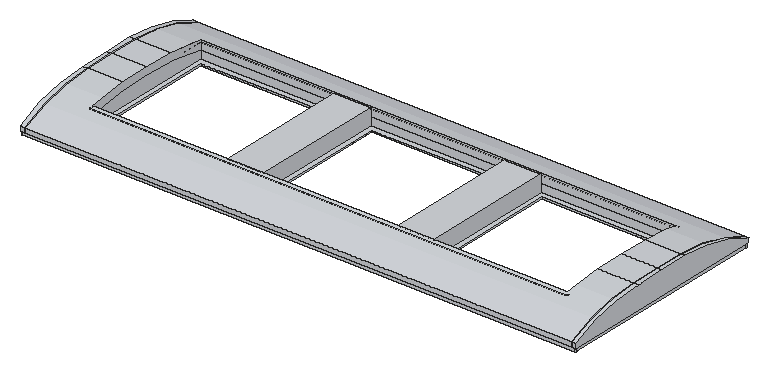
Revit family "Gira_021381", category Electrical Fixtures, host Face, Revit 2017
Family settings
  Host = Face
  Maintain Annotation Orientation = No
  Round Connector Dimension = Use Diameter
  Part Type = Normal
  Cut with Voids When Loaded = No
  Shared = No
  Room Calculation Point = No
Parameters (values of type "Abdeckrahmen 3f Zwischenr. F Alu Gira Event Anthrazit")
  Werkstoffgüte = "Thermoplast"
  Werkstoff = "Kunststoff"
  URL = "http://katalog.gira.de/de_DE/datenblatt.html?artikelnr=021381"
  Transparent = "No"
  Textfeld/Beschriftungsfläche = "No"
  Schutzart (IP) = "IP20"
  Region = "DE"
  Oberfläche = "sonstige"
  Name = "Abdeckrahmen 3f Zwischenr. F Alu Gira Event Anthrazit"
  Montagerichtung = "horizontal und vertikal"
  Mit Montagerahmen = "No"
  Mit Klappdeckel = "No"
  Manufacturer URL = "https://www.gira.de/"
  Keynote = "Event_Rahmen_3fach"
  HeinzeBIM = "https://bimportal.heinze.de/bim/abdeckrahmen-3f-zwischenr-f-alu-gira-event-anthrazit/cb19edc71c97d76aa7b287fc06a13c54cf14682d"
  Halogenfrei = "Yes"
  HAN = "021381"
  Geeignet für Unterputz-Installation = "Yes"
  Geeignet für Unterflurkanaldose = "No"
  Geeignet für Geräteeinbaukanal = "No"
  Geeignet für Einbauinstallation = "No"
  GTIN = "4010337213819"
  Farbe = "anthrazit"
  Default Elevation = 1219.2 mm
  Data sheet (1) = "https://katalog.gira.de/de_DE/download.html?artikelnr=021381"
  Category = "Abdeckrahmen"
  Befestigungsart = "Klemmbefestigung"
  Available = "Yes"
  Anzahl der Einheiten vertikal = "3 "
  Anzahl der Einheiten horizontal = "3 "
  Anzahl der Einheiten = "3 "
Reference planes
  plane 1 "Center (Front/Back)": y = 0
  plane 2: z = 0
  plane 3 "Center (Left/Right)": x = 0
Forms (mm)
  Extrusion 1, solid, detail levels fine
    sketch origin (0, 0, 0.05) x (0, 1, 0) y (0, 0, 1)
      loop
        arc (12.445, 9.683) -> (6.223, 9.833) -> (0, 9.85) r 291.636
        arc (0, 9.85) -> (-6.223, 9.833) -> (-12.445, 9.683) r 291.636
        arc (-12.445, 9.683) -> (-29.14, 7.482) -> (-45, 1.823) r 79.728
        line (-45, 1.823) -> (-45, -0.05) -> (-42.086, -0.05)
        arc (-42.086, -0.05) -> (-21.385, 5.559) -> (0, 7.206) r 114.424
        arc (0, 7.206) -> (21.385, 5.559) -> (42.086, -0.05) r 114.424
        line (42.086, -0.05) -> (45, -0.05) -> (45, 1.823)
        arc (45, 1.823) -> (29.14, 7.482) -> (12.445, 9.683) r 79.728
    from -114.3 to 114.3
  Extrusion 2, void, detail levels fine
    sketch origin (0, 0, 0) x (1, 0, 0) y (0, 1, 0)
      loop
        line (-99.355, -28.053) -> (99.355, -28.053) -> (99.355, 28.053) -> (-99.355, 28.053) -> (-99.355, -28.053)
    from 0.724 to 11
  Extrusion 3, solid, detail levels coarse
    sketch origin (0, 0, 0) x (1, 0, 0) y (0, 1, 0)
      loop
        line (-116.3, 45) -> (-116.3, -45) -> (116.3, -45) -> (116.3, 45) -> (-116.3, 45)
    from -1.5 to 9.9
  Extrusion 4, solid, detail levels medium
    sketch origin (0, 0, 0.05) x (0, 1, 0) y (0, 0, 1)
      loop
        arc (12.445, 9.683) -> (6.223, 9.833) -> (0, 9.85) r 291.636
        arc (0, 9.85) -> (-6.223, 9.833) -> (-12.445, 9.683) r 291.636
        arc (-12.445, 9.683) -> (-29.14, 7.482) -> (-45, 1.823) r 79.728
        line (-45, 1.823) -> (-45, -0.05) -> (45, -0.05) -> (45, 1.823)
        arc (45, 1.823) -> (29.14, 7.482) -> (12.445, 9.683) r 79.728
    from -116.3 to 116.3
  Extrusion 5, solid, detail levels fine
    sketch origin (-71.3, 0, -1.5) x (0, 1, 0) y (0, 0, -1)
      loop
        line (45, -3.373) -> (45, -1.5) -> (-45, -1.5) -> (-45, -3.373)
        arc (-45, -3.373) -> (-29.14, -9.032) -> (-12.445, -11.233) r 79.728
        arc (-12.445, -11.233) -> (-6.223, -11.383) -> (0, -11.4) r 291.636
        arc (0, -11.4) -> (6.223, -11.383) -> (12.445, -11.233) r 291.636
        arc (12.445, -11.233) -> (29.14, -9.032) -> (45, -3.373) r 79.728
    from 43 to 45
  Extrusion 6, solid, detail levels fine
    sketch origin (0, 0, 0) x (1, 0, 0) y (0, 1, 0)
      loop
        line (-97.195, 25.7) -> (-97.195, -25.7) -> (-45.395, -25.7) -> (-45.395, 25.7) -> (-97.195, 25.7)
      loop
        line (25.9, -25.7) -> (25.9, 25.7) -> (-25.9, 25.7) -> (-25.9, -25.7) -> (25.9, -25.7)
      loop
        line (-100.19, 28.49) -> (-100.19, -28.495)
        spline (-100.19, -28.495) -> (-100.181, -28.625) -> (-100.156, -28.754) -> (-100.113, -28.878) -> (-100.056, -28.995) -> (-99.983, -29.104) -> (-99.897, -29.202) -> (-99.798, -29.288) -> (-99.69, -29.361) -> (-99.572, -29.419) -> (-99.448, -29.461) -> (-99.32, -29.486) -> (-99.19, -29.495)
        line (-99.19, -29.495) -> (99.195, -29.495)
        spline (99.195, -29.495) -> (99.325, -29.486) -> (99.454, -29.461) -> (99.578, -29.419) -> (99.695, -29.361) -> (99.804, -29.288) -> (99.902, -29.202) -> (99.988, -29.104) -> (100.061, -28.995) -> (100.119, -28.878) -> (100.161, -28.754) -> (100.186, -28.625) -> (100.195, -28.495)
        line (100.195, -28.495) -> (100.195, 28.49)
        spline (100.195, 28.49) -> (100.186, 28.62) -> (100.161, 28.748) -> (100.119, 28.872) -> (100.061, 28.99) -> (99.988, 29.098) -> (99.902, 29.197) -> (99.804, 29.283) -> (99.695, 29.356) -> (99.578, 29.413) -> (99.454, 29.456) -> (99.325, 29.481) -> (99.195, 29.49)
        line (99.195, 29.49) -> (-99.19, 29.49)
        spline (-99.19, 29.49) -> (-99.32, 29.481) -> (-99.448, 29.456) -> (-99.572, 29.413) -> (-99.69, 29.356) -> (-99.798, 29.283) -> (-99.897, 29.197) -> (-99.983, 29.098) -> (-100.056, 28.99) -> (-100.113, 28.872) -> (-100.156, 28.748) -> (-100.181, 28.62) -> (-100.19, 28.49)
      loop
        line (97.2, -25.7) -> (97.2, 25.7) -> (45.4, 25.7) -> (45.4, -25.7) -> (97.2, -25.7)
    from 0.1 to 7.3
  Extrusion 7, solid
    sketch origin (0, 0, 0) x (1, 0, 0) y (0, 1, 0)
      loop
        arc (-116, -44.2) -> (-115.854, -44.554) -> (-115.5, -44.7) r 0.5
        line (-115.5, -44.7) -> (115.5, -44.7)
        arc (115.5, -44.7) -> (115.854, -44.554) -> (116, -44.2) r 0.5
        line (116, -44.2) -> (116, 44.2)
        arc (116, 44.2) -> (115.854, 44.554) -> (115.5, 44.7) r 0.5
        line (115.5, 44.7) -> (-115.5, 44.7)
        arc (-115.5, 44.7) -> (-115.854, 44.554) -> (-116, 44.2) r 0.5
        line (-116, 44.2) -> (-116, -44.2)
      loop
        line (-114.3, 43) -> (-114.3, -43) -> (114.3, -43) -> (114.3, 43) -> (-114.3, 43)
    from -1.5 to 0.5
  Extrusion 8, solid, detail levels fine
    sketch origin (71.3, 0, -1.5) x (0, 1, 0) y (0, 0, 1)
      loop
        arc (45, 3.373) -> (29.14, 9.032) -> (12.445, 11.233) r 79.728
        arc (12.445, 11.233) -> (6.223, 11.383) -> (0, 11.4) r 291.636
        arc (0, 11.4) -> (-6.223, 11.383) -> (-12.445, 11.233) r 291.636
        arc (-12.445, 11.233) -> (-29.14, 9.032) -> (-45, 3.373) r 79.728
        line (-45, 3.373) -> (-45, 1.5) -> (45, 1.5) -> (45, 3.373)
    from 43 to 45
  Extrusion 9, solid, detail levels medium
    sketch origin (0, 0, 0) x (1, 0, 0) y (0, 1, 0)
      loop
        line (-116, -44.7) -> (116, -44.7) -> (116, 44.7) -> (-116, 44.7) -> (-116, -44.7)
    from -1.5 to 0.5
  Extrusion 10, solid, detail levels fine
    sketch origin (-34.207, 0, 0) x (1, 0, 0) y (0, 1, 0)
      loop
        line (-8.943, 28.063) -> (-8.943, -27.937) -> (6.057, -27.937) -> (6.057, 28.063) -> (-8.943, 28.063)
    from 0.724 to 7.566
  Extrusion 11, solid, detail levels fine
    sketch origin (34.207, 0, 0) x (-1, 0, 0) y (0, -1, 0)
      loop
        line (-8.943, -28.063) -> (6.057, -28.063) -> (6.057, 27.937) -> (-8.943, 27.937) -> (-8.943, -28.063)
    from 0.724 to 7.566
Cuts and joins
  Extrusion 2 cuts Extrusion 1
  Extrusion 2 cuts Extrusion 6
Dimensions and locks
  aligned and locked: plane 2 to host face
  aligned and locked: level to host face
